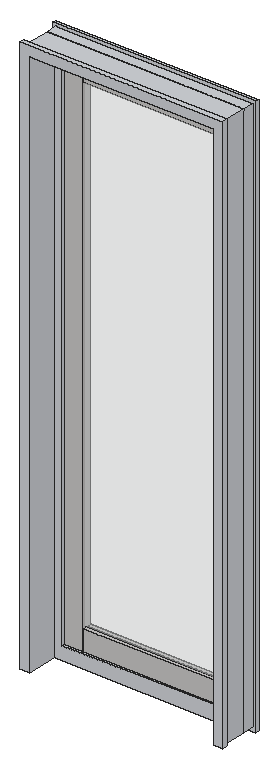
Revit family "APL Residential Thermal Heart Hinged Door Open Out", category Doors, host Wall, Revit 2017 (continued)
Definition of nested family "APL Residential Thermal Heart Hinged Door Open Out Horizontal Section"
  Definition of nested family "Open Out Jamb&Hinge"
    Definition of nested family "65310_Open Out Frame"
      Lines and regions (mm)
        model lines, in view "Ref. Level"
          curve 109: line (46.2, 31.6, 0) -> (47.9, 31.6, 0)
          curve 110: line (48.1, 31.4, 0) -> (48.1, 26.5, 0)
          curve 111: line (47.1, 25.5, 0) -> (43.083, 25.5, 0)
          curve 112: line (42.313, 25.768, 0) -> (40.903, 26.282, 0)
          curve 113: line (40.501, 25.974, 0) -> (40.708, 23.608, 0)
          curve 114: line (40.795, 23.422, 0) -> (41.159, 23.059, 0)
          curve 115: line (41.493, 23.148, 0) -> (41.538, 23.316, 0)
          curve 116: line (41.538, 23.316, 0) -> (43.668, 23.99, 0)
          curve 117: line (43.668, 23.99, 0) -> (43.9, 24, 0)
          curve 118: line (44, 23.253, 0) -> (44, 20.025, 0)
          curve 119: line (44, 20.025, 0) -> (44.194, 19.25, 0)
          curve 120: line (44, 19, 0) -> (43.479, 19, 0)
          curve 121: line (43.479, 19, 0) -> (42.069, 19.809, 0)
          curve 122: line (41.505, 20, 0) -> (41.255, 20, 0)
          curve 123: line (41.055, 19.8, 0) -> (41.055, 18.984, 0)
          curve 124: line (41.235, 18.6, 0) -> (43.92, 16.362, 0)
          curve 125: line (44.1, 15.978, 0) -> (44.1, 12.522, 0)
          curve 126: line (43.92, 12.138, 0) -> (41.235, 9.9, 0)
          curve 127: line (41.055, 9.516, 0) -> (41.055, 8.7, 0)
          curve 128: line (41.255, 8.5, 0) -> (41.505, 8.5, 0)
          curve 129: line (42.069, 8.691, 0) -> (43.322, 9.456, 0)
          curve 130: line (43.322, 9.456, 0) -> (44, 9.5, 0)
          curve 131: line (44.194, 9.25, 0) -> (44.006, 8.525, 0)
          curve 132: line (44.006, 8.525, 0) -> (44, 5.247, 0)
          curve 133: line (43.746, 4.5, 0) -> (41.679, 5.043, 0)
          curve 134: line (41.679, 5.043, 0) -> (41.493, 5.352, 0)
          curve 135: line (41.159, 5.441, 0) -> (40.795, 5.078, 0)
          curve 136: line (40.708, 4.892, 0) -> (40.501, 2.526, 0)
          curve 137: line (40.903, 2.218, 0) -> (42.313, 2.732, 0)
          curve 138: line (43.083, 3, 0) -> (44.4, 3, 0)
          curve 139: line (44.6, 2.8, 0) -> (44.6, 1.3, 0)
          curve 140: line (45.9, 0, 0) -> (47.7, 0, 0)
          curve 141: line (47.7, 0, 0) -> (48, 0.3, 0)
          curve 142: line (48, 0.3, 0) -> (53.25, 0.3, 0)
          curve 143: line (53.25, 0.3, 0) -> (53.55, 0, 0)
          curve 144: line (53.55, 0, 0) -> (55.35, 0, 0)
          curve 145: line (55.35, 1.3, 0) -> (46, 1.3, 0)
          curve 146: line (46, 1.3, 0) -> (46, 23.1, 0)
          curve 147: line (46.5, 23.6, 0) -> (48.1, 23.6, 0)
          curve 148: line (48.6, 23.1, 0) -> (48.6, 21.2, 0)
          curve 149: line (49.1, 20.7, 0) -> (49.5, 20.7, 0)
          curve 150: line (50, 21.2, 0) -> (50, 52.5, 0)
          curve 151: arc (-4.1, 23.1, 0) -> (-4.241, 23.159, 0) -> (-4.3, 23.3, 0) r 0.2
          curve 152: arc (-4.3, 23.9, 0) -> (-4.359, 24.041, 0) -> (-4.5, 24.1, 0) r 0.2
          curve 153: arc (-4.875, 24.1, 0) -> (-5.496, 24.182, 0) -> (-6.075, 24.422, 0) r 2.4
          curve 154: arc (-13.9, 27.9, 0) -> (-14.041, 27.841, 0) -> (-14.1, 27.7, 0) r 0.2
          curve 155: arc (-14.1, -0.131, 0) -> (-13.951, -0.808, 0) -> (-13.528, -1.359, 0) r 1.6
          curve 156: arc (-7.044, -6.8, 0) -> (-6.701, -6.916, 0) -> (-6.369, -6.77, 0) r 0.5
          curve 157: arc (-1.693, -2.094, 0) -> (-1.476, -1.769, 0) -> (-1.4, -1.386, 0) r 1
          curve 158: arc (-1.4, 3.2, 0) -> (-0.844, 4.544, 0) -> (0.5, 5.1, 0) r 1.9
          curve 159: arc (23.3, 5.1, 0) -> (23.441, 5.159, 0) -> (23.5, 5.3, 0) r 0.2
          curve 160: arc (23.5, 16.1, 0) -> (23.441, 16.241, 0) -> (23.3, 16.3, 0) r 0.2
          curve 161: arc (18.3, 16.3, 0) -> (18.159, 16.359, 0) -> (18.1, 16.5, 0) r 0.2
          curve 162: arc (18.1, 17.7, 0) -> (18.159, 17.841, 0) -> (18.3, 17.9, 0) r 0.2
          curve 163: arc (23.3, 17.9, 0) -> (23.441, 17.959, 0) -> (23.5, 18.1, 0) r 0.2
          curve 164: arc (23.5, 23.9, 0) -> (23.441, 24.041, 0) -> (23.3, 24.1, 0) r 0.2
          curve 165: arc (16.301, 24.1, 0) -> (16.159, 24.042, 0) -> (16.1, 23.9, 0) r 0.2
          curve 166: arc (16.1, 23.3, 0) -> (16.041, 23.159, 0) -> (15.9, 23.1, 0) r 0.2
          curve 167: arc (11.3, 23.1, 0) -> (11.159, 23.159, 0) -> (11.1, 23.3, 0) r 0.2
          curve 168: arc (11.1, 23.9, 0) -> (11.041, 24.041, 0) -> (10.9, 24.1, 0) r 0.2
          curve 169: arc (2.7, 24.1, 0) -> (2.559, 24.041, 0) -> (2.5, 23.9, 0) r 0.2
          curve 170: arc (2.5, 16.5, 0) -> (2.441, 16.359, 0) -> (2.3, 16.3, 0) r 0.2
          curve 171: arc (1.3, 16.3, 0) -> (1.159, 16.359, 0) -> (1.1, 16.5, 0) r 0.2
          curve 172: arc (1.1, 22.9, 0) -> (1.041, 23.041, 0) -> (0.9, 23.1, 0) r 0.2
          curve 173: arc (26.317, 25.5, 0) -> (26.622, 25.301, 0) -> (26.895, 25.543, 0) r 0.3
          curve 174: arc (26.895, 25.543, 0) -> (26.961, 25.681, 0) -> (27.087, 25.768, 0) r 0.3
          curve 175: arc (28.497, 26.282, 0) -> (28.783, 26.238, 0) -> (28.899, 25.974, 0) r 0.3
          curve 176: arc (28.692, 23.608, 0) -> (28.665, 23.508, 0) -> (28.605, 23.422, 0) r 0.3
          curve 177: arc (28.241, 23.059, 0) -> (28.048, 23.007, 0) -> (27.907, 23.148, 0) r 0.2
          curve 178: arc (27.862, 23.316, 0) -> (27.81, 23.405, 0) -> (27.721, 23.457, 0) r 0.2
          curve 179: arc (25.5, 24, 0) -> (25.22, 23.807, 0) -> (25.3, 23.476, 0) r 0.3
          curve 180: arc (25.3, 23.476, 0) -> (25.374, 23.375, 0) -> (25.4, 23.253, 0) r 0.3
          curve 181: arc (25.206, 19.25, 0) -> (25.242, 19.078, 0) -> (25.4, 19, 0) r 0.2
          curve 182: arc (25.921, 19, 0) -> (26.002, 19.011, 0) -> (26.077, 19.044, 0) r 0.3
          curve 183: arc (27.331, 19.809, 0) -> (27.328, 19.979, 0) -> (27.434, 20.111, 0) r 0.25
          curve 184: arc (27.52, 20.163, 0) -> (27.75, 20.179, 0) -> (27.895, 20, 0) r 0.25
          curve 185: arc (28.145, 20, 0) -> (28.286, 19.941, 0) -> (28.345, 19.8, 0) r 0.2
          curve 186: arc (28.345, 18.984, 0) -> (28.298, 18.772, 0) -> (28.165, 18.6, 0) r 0.5
          curve 187: arc (25.58, 16.446, 0) -> (25.447, 16.274, 0) -> (25.4, 16.062, 0) r 0.5
          curve 188: arc (25.4, 12.438, 0) -> (25.447, 12.226, 0) -> (25.58, 12.054, 0) r 0.5
          curve 189: arc (28.165, 9.9, 0) -> (28.298, 9.728, 0) -> (28.345, 9.516, 0) r 0.5
          curve 190: arc (28.345, 8.7, 0) -> (28.286, 8.559, 0) -> (28.145, 8.5, 0) r 0.2
          curve 191: arc (27.895, 8.5, 0) -> (27.75, 8.321, 0) -> (27.52, 8.337, 0) r 0.25
          curve 192: arc (27.434, 8.389, 0) -> (27.328, 8.521, 0) -> (27.331, 8.691, 0) r 0.25
          curve 193: arc (26.078, 9.456, 0) -> (26.002, 9.489, 0) -> (25.921, 9.5, 0) r 0.3
          curve 194: arc (25.4, 9.5, 0) -> (25.242, 9.422, 0) -> (25.206, 9.25, 0) r 0.2
          curve 195: arc (25.4, 5.247, 0) -> (25.374, 5.125, 0) -> (25.3, 5.024, 0) r 0.3
          curve 196: arc (25.3, 5.024, 0) -> (25.22, 4.693, 0) -> (25.5, 4.5, 0) r 0.3
          curve 197: arc (27.721, 5.043, 0) -> (27.81, 5.095, 0) -> (27.862, 5.184, 0) r 0.2
          curve 198: arc (27.907, 5.352, 0) -> (28.048, 5.493, 0) -> (28.241, 5.441, 0) r 0.2
          curve 199: arc (28.605, 5.078, 0) -> (28.665, 4.992, 0) -> (28.692, 4.892, 0) r 0.3
          curve 200: arc (28.899, 2.526, 0) -> (28.783, 2.262, 0) -> (28.497, 2.218, 0) r 0.3
          curve 201: arc (27.087, 2.732, 0) -> (26.961, 2.819, 0) -> (26.895, 2.957, 0) r 0.3
          curve 202: arc (26.895, 2.957, 0) -> (26.622, 3.199, 0) -> (26.317, 3, 0) r 0.3
          curve 203: arc (24, 3, 0) -> (23.704, 3.097, 0) -> (23.523, 3.35, 0) r 0.5
          curve 204: arc (23.523, 3.35, 0) -> (23.342, 3.603, 0) -> (23.046, 3.7, 0) r 0.5
          curve 205: arc (0.5, 3.7, 0) -> (0.146, 3.554, 0) -> (0, 3.2, 0) r 0.5
          curve 206: arc (0, -1.801, 0) -> (-0.107, -2.336, 0) -> (-0.41, -2.791, 0) r 1.4
          curve 207: arc (-5.407, -7.787, 0) -> (-5.624, -8.112, 0) -> (-5.7, -8.495, 0) r 1
          curve 208: arc (-5.7, -14.159, 0) -> (-5.623, -14.316, 0) -> (-5.452, -14.353, 0) r 0.2
          curve 209: arc (-5.452, -14.353, 0) -> (-4.643, -14.677, 0) -> (-4.687, -15.548, 0) r 0.75
          curve 210: arc (-4.687, -15.548, 0) -> (-5.025, -16.505, 0) -> (-4.687, -17.462, 0) r 1.525
          curve 211: arc (-4.687, -17.462, 0) -> (-4.594, -17.613, 0) -> (-4.539, -17.781, 0) r 0.75
          curve 212: arc (-4.539, -17.781, 0) -> (-4.442, -17.992, 0) -> (-4.26, -18.136, 0) r 0.5
          curve 213: arc (-4.26, -18.136, 0) -> (-3.5, -18.305, 0) -> (-2.74, -18.137, 0) r 1.8
          curve 214: arc (-2.74, -18.137, 0) -> (-2.558, -17.992, 0) -> (-2.461, -17.78, 0) r 0.5
          curve 215: arc (-2.461, -17.78, 0) -> (-2.406, -17.612, 0) -> (-2.312, -17.461, 0) r 0.737
          curve 216: arc (-2.312, -17.461, 0) -> (-1.975, -16.505, 0) -> (-2.312, -15.549, 0) r 1.525
          curve 217: arc (-2.312, -15.549, 0) -> (-2.2, -14.512, 0) -> (-1.163, -14.624, 0) r 0.737
          curve 218: arc (-1.163, -14.624, 0) -> (-0.507, -16.296, 0) -> (-0.924, -18.044, 0) r 3
          curve 219: arc (-0.924, -18.044, 0) -> (-0.93, -18.547, 0) -> (-0.495, -18.8, 0) r 0.5
          curve 220: arc (-0.2, -18.8, 0) -> (-0.059, -18.859, 0) -> (0, -19, 0) r 0.2
          curve 221: arc (0, -19.8, 0) -> (-0.059, -19.941, 0) -> (-0.2, -20, 0) r 0.2
          curve 222: arc (-6, -20, 0) -> (-6.707, -19.707, 0) -> (-7, -19, 0) r 1
          curve 223: arc (-7, -10.063, 0) -> (-7.281, -8.795, 0) -> (-8.072, -7.765, 0) r 3
          curve 224: arc (-14.428, -2.431, 0) -> (-15.219, -1.401, 0) -> (-15.5, -0.133, 0) r 3
          curve 225: arc (-15.5, 33, 0) -> (-15.207, 33.707, 0) -> (-14.5, 34, 0) r 1
          curve 226: arc (-12.1, 34, 0) -> (-11.393, 33.707, 0) -> (-11.1, 33, 0) r 1
          curve 227: arc (-11.1, 32.9, 0) -> (-11.188, 32.688, 0) -> (-11.4, 32.6, 0) r 0.3
          curve 228: arc (-12.1, 29.3, 0) -> (-11.738, 29.252, 0) -> (-11.4, 29.112, 0) r 1.4
          curve 229: arc (-5.375, 25.634, 0) -> (-5.134, 25.534, 0) -> (-4.875, 25.5, 0) r 1
          curve 230: line (0.9, 23.1, 0) -> (-4.1, 23.1, 0)
          curve 231: line (-4.3, 23.3, 0) -> (-4.3, 23.9, 0)
          curve 232: line (-4.5, 24.1, 0) -> (-4.875, 24.1, 0)
          curve 233: line (-6.075, 24.422, 0) -> (-12.054, 27.873, 0)
          curve 234: line (-12.054, 27.873, 0) -> (-13.9, 27.9, 0)
          curve 235: line (-14.1, 27.7, 0) -> (-14.1, -0.131, 0)
          curve 236: line (-13.528, -1.359, 0) -> (-7.044, -6.8, 0)
          curve 237: line (-6.369, -6.77, 0) -> (-1.693, -2.094, 0)
          curve 238: line (-1.4, -1.386, 0) -> (-1.4, 3.2, 0)
          curve 239: line (0.5, 5.1, 0) -> (23.3, 5.1, 0)
          curve 240: line (23.5, 5.3, 0) -> (23.5, 16.1, 0)
          curve 241: line (23.3, 16.3, 0) -> (18.3, 16.3, 0)
          curve 242: line (18.1, 16.5, 0) -> (18.1, 17.7, 0)
          curve 243: line (18.3, 17.9, 0) -> (23.3, 17.9, 0)
          curve 244: line (23.5, 18.1, 0) -> (23.5, 23.9, 0)
          curve 245: line (23.3, 24.1, 0) -> (16.301, 24.1, 0)
          curve 246: line (16.1, 23.9, 0) -> (16.1, 23.3, 0)
          curve 247: line (15.9, 23.1, 0) -> (11.3, 23.1, 0)
          curve 248: line (11.1, 23.3, 0) -> (11.1, 23.9, 0)
          curve 249: line (10.9, 24.1, 0) -> (2.7, 24.1, 0)
          curve 250: line (2.5, 23.9, 0) -> (2.5, 16.5, 0)
          curve 251: line (2.3, 16.3, 0) -> (1.3, 16.3, 0)
          curve 252: line (1.1, 16.5, 0) -> (1.1, 22.9, 0)
          curve 253: line (27.087, 25.768, 0) -> (28.497, 26.282, 0)
          curve 254: line (28.899, 25.974, 0) -> (28.692, 23.608, 0)
          curve 255: line (28.605, 23.422, 0) -> (28.241, 23.059, 0)
          curve 256: line (27.907, 23.148, 0) -> (27.862, 23.316, 0)
          curve 257: line (27.862, 23.316, 0) -> (25.732, 23.99, 0)
          curve 258: line (25.732, 23.99, 0) -> (25.5, 24, 0)
          curve 259: line (25.4, 23.253, 0) -> (25.4, 20.025, 0)
          curve 260: line (25.4, 20.025, 0) -> (25.206, 19.25, 0)
          curve 261: line (25.4, 19, 0) -> (25.921, 19, 0)
          curve 262: line (25.921, 19, 0) -> (27.331, 19.809, 0)
          curve 263: line (27.895, 20, 0) -> (28.145, 20, 0)
          curve 264: line (28.345, 19.8, 0) -> (28.345, 18.984, 0)
          curve 265: line (28.165, 18.6, 0) -> (25.58, 16.446, 0)
          curve 266: line (25.4, 16.062, 0) -> (25.4, 12.438, 0)
          curve 267: line (25.58, 12.054, 0) -> (28.165, 9.9, 0)
          curve 268: line (28.345, 9.516, 0) -> (28.345, 8.7, 0)
          curve 269: line (28.145, 8.5, 0) -> (27.895, 8.5, 0)
          curve 270: line (27.331, 8.691, 0) -> (26.078, 9.456, 0)
          curve 271: line (26.078, 9.456, 0) -> (25.4, 9.5, 0)
          curve 272: line (25.206, 9.25, 0) -> (25.394, 8.525, 0)
          curve 273: line (25.394, 8.525, 0) -> (25.4, 5.247, 0)
          curve 274: line (25.654, 4.5, 0) -> (27.721, 5.043, 0)
          curve 275: line (27.721, 5.043, 0) -> (27.907, 5.352, 0)
          curve 276: line (28.241, 5.441, 0) -> (28.605, 5.078, 0)
          curve 277: line (28.692, 4.892, 0) -> (28.899, 2.526, 0)
          curve 278: line (28.497, 2.218, 0) -> (27.087, 2.732, 0)
          curve 279: line (26.317, 3, 0) -> (24, 3, 0)
          curve 280: line (23.046, 3.7, 0) -> (17.783, 3.7, 0)
          curve 281: line (17.783, 3.7, 0) -> (17.559, 3.559, 0)
          curve 282: line (17.559, 3.559, 0) -> (12.4, 3.5, 0)
          curve 283: line (12.4, 3.5, 0) -> (12, 3.9, 0)
          curve 284: line (12, 3.9, 0) -> (11.6, 3.5, 0)
          curve 285: line (11.6, 3.5, 0) -> (6.583, 3.5, 0)
          curve 286: line (6.583, 3.5, 0) -> (6.359, 3.641, 0)
          curve 287: line (6.359, 3.641, 0) -> (0.5, 3.7, 0)
          curve 288: line (0, 3.2, 0) -> (0, -1.801, 0)
          curve 289: line (-0.41, -2.791, 0) -> (-5.407, -7.787, 0)
          curve 290: line (-5.7, -8.495, 0) -> (-5.7, -14.159, 0)
          curve 291: line (-0.495, -18.8, 0) -> (-0.2, -18.8, 0)
          curve 292: line (0, -19, 0) -> (0, -19.8, 0)
          curve 293: line (-0.2, -20, 0) -> (-6, -20, 0)
          curve 294: line (-7, -19, 0) -> (-7, -10.063, 0)
          curve 295: line (-8.072, -7.765, 0) -> (-14.428, -2.431, 0)
          curve 296: line (-15.5, -0.133, 0) -> (-15.5, 33, 0)
          curve 297: line (-14.5, 34, 0) -> (-12.1, 34, 0)
          curve 298: line (-11.4, 32.6, 0) -> (-14.1, 32.6, 0)
          curve 299: line (-14.1, 32.6, 0) -> (-14.1, 29.3, 0)
          curve 300: line (-14.1, 29.3, 0) -> (-12.1, 29.3, 0)
          curve 301: line (-11.4, 29.112, 0) -> (-5.375, 25.634, 0)
          curve 302: line (-4.875, 25.5, 0) -> (-2, 25.5, 0)
          curve 303: line (-2, 25.5, 0) -> (-1.6, 25.1, 0)
          curve 304: line (-1.6, 25.1, 0) -> (-1.2, 25.5, 0)
          curve 305: line (-1.2, 25.5, 0) -> (4.1, 25.5, 0)
          curve 306: line (4.1, 25.5, 0) -> (4.5, 25.1, 0)
          curve 307: line (4.5, 25.1, 0) -> (4.9, 25.5, 0)
          curve 308: line (4.9, 25.5, 0) -> (26.317, 25.5, 0)
          curve 309: arc (25.4, 19.939, 0) -> (25.517, 19.656, 0) -> (25.8, 19.539, 0) r 0.4
          curve 310: arc (26.093, 19.539, 0) -> (26.196, 19.553, 0) -> (26.293, 19.593, 0) r 0.4
          curve 311: arc (27.821, 20.478, 0) -> (28.111, 20.598, 0) -> (28.422, 20.639, 0) r 1.2
          curve 312: arc (29.345, 20.639, 0) -> (29.918, 20.82, 0) -> (30.284, 21.297, 0) r 1
          curve 313: arc (31.077, 23.476, 0) -> (31.224, 23.667, 0) -> (31.453, 23.739, 0) r 0.4
          curve 314: arc (37.947, 23.739, 0) -> (38.176, 23.667, 0) -> (38.323, 23.476, 0) r 0.4
          curve 315: arc (39.116, 21.297, 0) -> (39.482, 20.82, 0) -> (40.055, 20.639, 0) r 1
          curve 316: arc (40.978, 20.639, 0) -> (41.289, 20.598, 0) -> (41.579, 20.478, 0) r 1.2
          curve 317: arc (43.107, 19.593, 0) -> (43.204, 19.553, 0) -> (43.307, 19.539, 0) r 0.4
          curve 318: arc (43.6, 19.539, 0) -> (43.883, 19.656, 0) -> (44, 19.939, 0) r 0.4
          curve 319: arc (44, 23.339, 0) -> (43.883, 23.622, 0) -> (43.6, 23.739, 0) r 0.4
          curve 320: arc (43.307, 23.739, 0) -> (43.204, 23.725, 0) -> (43.107, 23.685, 0) r 0.4
          curve 321: arc (41.579, 22.801, 0) -> (41.285, 22.679, 0) -> (40.97, 22.639, 0) r 1.2
          curve 322: arc (40.97, 22.639, 0) -> (40.795, 22.692, 0) -> (40.684, 22.836, 0) r 0.3
          curve 323: arc (39.796, 25.276, 0) -> (39.649, 25.467, 0) -> (39.42, 25.539, 0) r 0.4
          curve 324: arc (29.98, 25.539, 0) -> (29.751, 25.467, 0) -> (29.604, 25.276, 0) r 0.4
          curve 325: arc (28.716, 22.836, 0) -> (28.605, 22.692, 0) -> (28.43, 22.639, 0) r 0.3
          curve 326: arc (28.43, 22.639, 0) -> (28.115, 22.679, 0) -> (27.821, 22.801, 0) r 1.2
          curve 327: arc (26.293, 23.685, 0) -> (26.196, 23.725, 0) -> (26.093, 23.739, 0) r 0.4
          curve 328: arc (25.8, 23.739, 0) -> (25.517, 23.622, 0) -> (25.4, 23.339, 0) r 0.4
          curve 329: line (25.8, 19.539, 0) -> (26.093, 19.539, 0)
          curve 330: line (26.293, 19.593, 0) -> (27.821, 20.478, 0)
          curve 331: line (28.422, 20.639, 0) -> (29.345, 20.639, 0)
          curve 332: line (30.284, 21.297, 0) -> (31.077, 23.476, 0)
          curve 333: line (31.453, 23.739, 0) -> (37.947, 23.739, 0)
          curve 334: line (38.323, 23.476, 0) -> (39.116, 21.297, 0)
          curve 335: line (40.055, 20.639, 0) -> (40.978, 20.639, 0)
          curve 336: line (41.579, 20.478, 0) -> (43.107, 19.593, 0)
          curve 337: line (43.307, 19.539, 0) -> (43.6, 19.539, 0)
          curve 338: line (44, 19.939, 0) -> (44, 23.339, 0)
          curve 339: line (43.6, 23.739, 0) -> (43.307, 23.739, 0)
          curve 340: line (43.107, 23.685, 0) -> (41.579, 22.801, 0)
          curve 341: line (40.684, 22.836, 0) -> (39.796, 25.276, 0)
          curve 342: line (39.42, 25.539, 0) -> (29.98, 25.539, 0)
          curve 343: line (29.604, 25.276, 0) -> (28.716, 22.836, 0)
          curve 344: line (27.821, 22.801, 0) -> (26.293, 23.685, 0)
          curve 345: line (26.093, 23.739, 0) -> (25.8, 23.739, 0)
          curve 346: line (25.4, 23.339, 0) -> (25.4, 19.939, 0)
      Text (mm)
        text "65310" at (6.108, 51.612, 0), in view "Ref. Level"
    Definition of nested family "65210_Lock Stile"
      Reference planes
        plane 1 "Center (Front/Back)": y = 0
        plane 2: z = 0
        plane 3 "Center (Left/Right)": x = 0
      Lines and regions (mm)
        model lines, in view "Ref. Level"
          curve 1: arc (27.4, 64.45, 0) -> (27.272, 64.668, 0) -> (27.019, 64.663, 0) r 0.25
          curve 2: arc (26.934, 64.611, 0) -> (26.828, 64.479, 0) -> (26.831, 64.309, 0) r 0.25
          curve 3: arc (25.577, 63.544, 0) -> (25.502, 63.511, 0) -> (25.421, 63.5, 0) r 0.3
          curve 4: arc (24.9, 63.5, 0) -> (24.742, 63.578, 0) -> (24.706, 63.75, 0) r 0.2
          curve 5: arc (24.9, 67.753, 0) -> (24.874, 67.875, 0) -> (24.8, 67.976, 0) r 0.3
          curve 6: arc (24.8, 67.976, 0) -> (24.72, 68.307, 0) -> (25, 68.5, 0) r 0.3
          curve 7: arc (27.221, 67.957, 0) -> (27.31, 67.905, 0) -> (27.362, 67.816, 0) r 0.2
          curve 8: arc (27.407, 67.648, 0) -> (27.548, 67.507, 0) -> (27.741, 67.559, 0) r 0.2
          curve 9: arc (28.105, 67.922, 0) -> (28.165, 68.008, 0) -> (28.192, 68.108, 0) r 0.3
          curve 10: arc (28.399, 70.474, 0) -> (28.283, 70.738, 0) -> (27.997, 70.782, 0) r 0.3
          curve 11: arc (26.587, 70.268, 0) -> (26.461, 70.181, 0) -> (26.395, 70.043, 0) r 0.3
          curve 12: arc (26.395, 70.043, 0) -> (26.122, 69.801, 0) -> (25.817, 70, 0) r 0.3
          curve 13: arc (24.003, 70, 0) -> (23.295, 69.707, 0) -> (23.003, 69, 0) r 1
          curve 14: arc (23.003, 63.28, 0) -> (22.944, 63.139, 0) -> (22.803, 63.08, 0) r 0.2
          curve 15: arc (17.703, 63.08, 0) -> (17.561, 63.139, 0) -> (17.503, 63.28, 0) r 0.2
          curve 16: arc (17.503, 69, 0) -> (17.21, 69.707, 0) -> (16.503, 70, 0) r 1
          curve 17: arc (9.5, 70, 0) -> (9.359, 69.941, 0) -> (9.3, 69.8, 0) r 0.2
          curve 18: arc (9.3, 69.5, 0) -> (9.38, 69.2, 0) -> (9.6, 68.98, 0) r 0.6
          curve 19: arc (10.7, 68.345, 0) -> (10.773, 68.272, 0) -> (10.8, 68.172, 0) r 0.2
          curve 20: arc (10.8, 64.08, 0) -> (10.507, 63.373, 0) -> (9.8, 63.08, 0) r 1
          curve 21: arc (2.42, 63.08, 0) -> (1.721, 63.366, 0) -> (1.421, 64.06, 0) r 1
          curve 22: arc (1.322, 68.935, 0) -> (1.357, 69.052, 0) -> (1.453, 69.127, 0) r 0.2
          curve 23: arc (1.453, 69.127, 0) -> (1.621, 69.234, 0) -> (1.725, 69.403, 0) r 0.45
          curve 24: arc (1.725, 69.403, 0) -> (1.729, 69.522, 0) -> (1.665, 69.621, 0) r 0.2
          curve 25: arc (0.2, 70, 0) -> (0.059, 69.941, 0) -> (0, 69.8, 0) r 0.2
          curve 26: arc (0, 0.501, 0) -> (0.146, 0.147, 0) -> (0.5, 0, 0) r 0.5
          curve 27: arc (1, 0, 0) -> (1.354, 0.146, 0) -> (1.5, 0.5, 0) r 0.5
          curve 28: arc (1.5, 2.8, 0) -> (1.559, 2.941, 0) -> (1.7, 3, 0) r 0.2
          curve 29: arc (31.817, 3, 0) -> (32.122, 3.199, 0) -> (32.395, 2.957, 0) r 0.3
          curve 30: arc (32.395, 2.957, 0) -> (32.461, 2.819, 0) -> (32.587, 2.732, 0) r 0.3
          curve 31: arc (33.997, 2.218, 0) -> (34.283, 2.262, 0) -> (34.399, 2.526, 0) r 0.3
          curve 32: arc (34.192, 4.892, 0) -> (34.165, 4.992, 0) -> (34.105, 5.078, 0) r 0.3
          curve 33: arc (33.741, 5.441, 0) -> (33.548, 5.493, 0) -> (33.407, 5.352, 0) r 0.2
          curve 34: arc (33.362, 5.184, 0) -> (33.31, 5.095, 0) -> (33.221, 5.043, 0) r 0.2
          curve 35: arc (31, 4.5, 0) -> (30.72, 4.693, 0) -> (30.8, 5.024, 0) r 0.3
          curve 36: arc (30.8, 5.024, 0) -> (30.874, 5.125, 0) -> (30.9, 5.247, 0) r 0.3
          curve 37: arc (30.706, 9.25, 0) -> (30.742, 9.422, 0) -> (30.9, 9.5, 0) r 0.2
          curve 38: arc (31.421, 9.5, 0) -> (31.502, 9.489, 0) -> (31.577, 9.456, 0) r 0.3
          curve 39: arc (32.831, 8.691, 0) -> (32.828, 8.521, 0) -> (32.934, 8.389, 0) r 0.25
          curve 40: arc (33.02, 8.337, 0) -> (33.272, 8.332, 0) -> (33.4, 8.55, 0) r 0.25
          curve 41: arc (33.4, 11.2, 0) -> (33.341, 11.341, 0) -> (33.2, 11.4, 0) r 0.2
          curve 42: arc (30, 11.4, 0) -> (29.293, 11.107, 0) -> (29, 10.4, 0) r 1
          curve 43: arc (2.1, 4.6, 0) -> (1.746, 4.746, 0) -> (1.6, 5.1, 0) r 0.5
          curve 44: arc (1.6, 60.98, 0) -> (1.746, 61.334, 0) -> (2.1, 61.48, 0) r 0.5
          curve 45: arc (9.8, 61.48, 0) -> (11.638, 62.242, 0) -> (12.4, 64.08, 0) r 2.6
          curve 46: arc (12.4, 68.2, 0) -> (12.459, 68.341, 0) -> (12.6, 68.4, 0) r 0.2
          curve 47: arc (15.703, 68.4, 0) -> (15.844, 68.341, 0) -> (15.903, 68.2, 0) r 0.2
          curve 48: arc (15.903, 62, 0) -> (16.049, 61.646, 0) -> (16.403, 61.5, 0) r 0.5
          curve 49: arc (27.2, 61.5, 0) -> (27.341, 61.559, 0) -> (27.4, 61.7, 0) r 0.2
          curve 50: line (26.831, 64.309, 0) -> (25.577, 63.544, 0)
          curve 51: line (25.577, 63.544, 0) -> (24.9, 63.5, 0)
          curve 52: line (24.706, 63.75, 0) -> (24.894, 64.475, 0)
          curve 53: line (24.894, 64.475, 0) -> (24.9, 67.753, 0)
          curve 54: line (25.154, 68.5, 0) -> (27.221, 67.957, 0)
          curve 55: line (27.221, 67.957, 0) -> (27.407, 67.648, 0)
          curve 56: line (27.741, 67.559, 0) -> (28.105, 67.922, 0)
          curve 57: line (28.192, 68.108, 0) -> (28.399, 70.474, 0)
          curve 58: line (27.997, 70.782, 0) -> (26.587, 70.268, 0)
          curve 59: line (25.817, 70, 0) -> (24.003, 70, 0)
          curve 60: line (23.003, 69, 0) -> (23.003, 63.28, 0)
          curve 61: line (22.803, 63.08, 0) -> (17.703, 63.08, 0)
          curve 62: line (17.503, 63.28, 0) -> (17.503, 69, 0)
          curve 63: line (16.503, 70, 0) -> (9.5, 70, 0)
          curve 64: line (9.3, 69.8, 0) -> (9.3, 69.5, 0)
          curve 65: line (9.6, 68.98, 0) -> (10.7, 68.345, 0)
          curve 66: line (10.8, 68.172, 0) -> (10.8, 64.08, 0)
          curve 67: line (9.8, 63.08, 0) -> (2.42, 63.08, 0)
          curve 68: line (1.421, 64.06, 0) -> (1.322, 68.935, 0)
          curve 69: line (1.665, 69.621, 0) -> (1.269, 69.953, 0)
          curve 70: line (1.269, 69.953, 0) -> (0.2, 70, 0)
          curve 71: line (0, 69.8, 0) -> (0, 0.501, 0)
          curve 72: line (0.5, 0, 0) -> (1, 0, 0)
          curve 73: line (1.5, 0.5, 0) -> (1.5, 2.8, 0)
          curve 74: line (1.7, 3, 0) -> (17.6, 3, 0)
          curve 75: line (17.6, 3, 0) -> (18, 3.4, 0)
          curve 76: line (18, 3.4, 0) -> (18.4, 3, 0)
          curve 77: line (18.4, 3, 0) -> (19.6, 3, 0)
          curve 78: line (19.6, 3, 0) -> (20, 3.4, 0)
          curve 79: line (20, 3.4, 0) -> (20.4, 3, 0)
          curve 80: line (20.4, 3, 0) -> (31.817, 3, 0)
          curve 81: line (32.587, 2.732, 0) -> (33.997, 2.218, 0)
          curve 82: line (34.399, 2.526, 0) -> (34.192, 4.892, 0)
          curve 83: line (34.105, 5.078, 0) -> (33.741, 5.441, 0)
          curve 84: line (33.407, 5.352, 0) -> (33.362, 5.184, 0)
          curve 85: line (33.362, 5.184, 0) -> (31.232, 4.51, 0)
          curve 86: line (31.232, 4.51, 0) -> (31, 4.5, 0)
          curve 87: line (30.9, 5.247, 0) -> (30.9, 8.475, 0)
          curve 88: line (30.9, 8.475, 0) -> (30.706, 9.25, 0)
          curve 89: line (30.9, 9.5, 0) -> (31.421, 9.5, 0)
          curve 90: line (31.421, 9.5, 0) -> (32.831, 8.691, 0)
          curve 91: line (33.4, 8.55, 0) -> (33.4, 11.2, 0)
          curve 92: line (33.2, 11.4, 0) -> (30, 11.4, 0)
          curve 93: line (29, 10.4, 0) -> (29, 5.8, 0)
          curve 94: line (29, 5.8, 0) -> (23.5, 5.8, 0)
          curve 95: line (23.5, 5.8, 0) -> (22.3, 4.6, 0)
          curve 96: line (22.3, 4.6, 0) -> (15.7, 4.6, 0)
          curve 97: line (15.7, 4.6, 0) -> (14.5, 5.8, 0)
          curve 98: line (14.5, 5.8, 0) -> (9.5, 5.8, 0)
          curve 99: line (9.5, 5.8, 0) -> (8.3, 4.6, 0)
          curve 100: line (8.3, 4.6, 0) -> (2.1, 4.6, 0)
          curve 101: line (1.6, 5.1, 0) -> (1.6, 60.98, 0)
          curve 102: line (2.1, 61.48, 0) -> (9.8, 61.48, 0)
          curve 103: line (12.4, 64.08, 0) -> (12.4, 68.2, 0)
          curve 104: line (12.6, 68.4, 0) -> (15.703, 68.4, 0)
          curve 105: line (15.903, 68.2, 0) -> (15.903, 62, 0)
          curve 106: line (16.403, 61.5, 0) -> (19.603, 61.5, 0)
          curve 107: line (19.603, 61.5, 0) -> (20.003, 61.9, 0)
          curve 108: line (20.003, 61.9, 0) -> (20.403, 61.5, 0)
          curve 109: line (20.403, 61.5, 0) -> (27.2, 61.5, 0)
          curve 110: line (27.4, 61.7, 0) -> (27.4, 64.45, 0)
          curve 111: line (27.4, 64.45, 0) -> (27.4, 63.6, 0)
          curve 112: arc (41, 62.874, 0) -> (41.128, 62.385, 0) -> (41.479, 62.021, 0) r 1
          curve 113: arc (42.049, 61.673, 0) -> (42.174, 61.619, 0) -> (42.309, 61.6, 0) r 0.5
          curve 114: arc (44.9, 61.6, 0) -> (45.254, 61.746, 0) -> (45.4, 62.1, 0) r 0.5
          curve 115: arc (45.4, 68.091, 0) -> (45.455, 68.318, 0) -> (45.608, 68.496, 0) r 0.5
          curve 116: arc (45.608, 68.496, 0) -> (45.836, 68.687, 0) -> (46.035, 68.908, 0) r 2.1
          curve 117: arc (46.035, 68.908, 0) -> (46.21, 69.049, 0) -> (46.429, 69.1, 0) r 0.5
          curve 118: arc (49.6, 69.1, 0) -> (49.954, 68.954, 0) -> (50.1, 68.6, 0) r 0.5
          curve 119: arc (50.1, 15.4, 0) -> (49.954, 15.046, 0) -> (49.6, 14.9, 0) r 0.5
          curve 120: arc (45.3, 14.9, 0) -> (45.159, 14.841, 0) -> (45.1, 14.7, 0) r 0.2
          curve 121: arc (45.1, 13.1, 0) -> (45.159, 12.959, 0) -> (45.3, 12.9, 0) r 0.2
          curve 122: arc (49.9, 12.9, 0) -> (50.041, 12.841, 0) -> (50.1, 12.7, 0) r 0.2
          curve 123: arc (50.1, 11.7, 0) -> (50.041, 11.559, 0) -> (49.9, 11.5, 0) r 0.2
          curve 124: arc (48.473, 11.5, 0) -> (48.338, 11.481, 0) -> (48.212, 11.427, 0) r 0.5
          curve 125: arc (47.479, 10.979, 0) -> (47.128, 10.615, 0) -> (47, 10.126, 0) r 1
          curve 126: arc (47, 8.55, 0) -> (47.128, 8.332, 0) -> (47.38, 8.337, 0) r 0.25
          curve 127: arc (47.466, 8.389, 0) -> (47.572, 8.521, 0) -> (47.569, 8.691, 0) r 0.25
          curve 128: arc (48.823, 9.456, 0) -> (48.898, 9.489, 0) -> (48.979, 9.5, 0) r 0.3
          curve 129: arc (49.5, 9.5, 0) -> (49.658, 9.422, 0) -> (49.694, 9.25, 0) r 0.2
          curve 130: arc (49.5, 5.247, 0) -> (49.526, 5.125, 0) -> (49.6, 5.024, 0) r 0.3
          curve 131: arc (49.6, 5.024, 0) -> (49.68, 4.693, 0) -> (49.4, 4.5, 0) r 0.3
          curve 132: arc (47.179, 5.043, 0) -> (47.09, 5.095, 0) -> (47.038, 5.184, 0) r 0.2
          curve 133: arc (46.993, 5.352, 0) -> (46.852, 5.493, 0) -> (46.659, 5.441, 0) r 0.2
          curve 134: arc (46.295, 5.078, 0) -> (46.235, 4.992, 0) -> (46.208, 4.892, 0) r 0.3
          curve 135: arc (46.001, 2.526, 0) -> (46.117, 2.262, 0) -> (46.403, 2.218, 0) r 0.3
          curve 136: arc (47.813, 2.732, 0) -> (47.939, 2.819, 0) -> (48.005, 2.957, 0) r 0.3
          curve 137: arc (48.005, 2.957, 0) -> (48.278, 3.199, 0) -> (48.583, 3, 0) r 0.3
          curve 138: arc (50.5, 0.5, 0) -> (50.646, 0.146, 0) -> (51, 0, 0) r 0.5
          curve 139: arc (51.5, 0, 0) -> (51.854, 0.146, 0) -> (52, 0.5, 0) r 0.5
          curve 140: arc (52, 89.2, 0) -> (51.8, 89.4, 0) -> (51.6, 89.2, 0) r 0.2
          curve 141: arc (43, 89, 0) -> (42.646, 88.854, 0) -> (42.5, 88.5, 0) r 0.5
          curve 142: arc (42.5, 87.25, 0) -> (43, 86.75, 0) -> (43.5, 87.25, 0) r 0.5
          curve 143: arc (43.5, 87.8, 0) -> (43.559, 87.941, 0) -> (43.7, 88, 0) r 0.2
          curve 144: arc (44.8, 88, 0) -> (44.941, 87.941, 0) -> (45, 87.8, 0) r 0.2
          curve 145: arc (45, 82.7, 0) -> (44.941, 82.559, 0) -> (44.8, 82.5, 0) r 0.2
          curve 146: arc (43.7, 82.5, 0) -> (43.559, 82.559, 0) -> (43.5, 82.7, 0) r 0.2
          curve 147: arc (43.5, 83.25, 0) -> (43, 83.75, 0) -> (42.5, 83.25, 0) r 0.5
          curve 148: arc (42.5, 81.7, 0) -> (42.559, 81.559, 0) -> (42.7, 81.5, 0) r 0.2
          curve 149: arc (46, 81.5, 0) -> (46.354, 81.646, 0) -> (46.5, 82, 0) r 0.5
          curve 150: arc (46.5, 87, 0) -> (46.646, 87.354, 0) -> (47, 87.5, 0) r 0.5
          curve 151: arc (49.6, 87.5, 0) -> (49.954, 87.354, 0) -> (50.1, 87, 0) r 0.5
          curve 152: arc (50.1, 71.5, 0) -> (49.954, 71.146, 0) -> (49.6, 71, 0) r 0.5
          curve 153: arc (44.78, 71, 0) -> (44.639, 70.941, 0) -> (44.58, 70.8, 0) r 0.2
          curve 154: arc (44.58, 70.2, 0) -> (44.521, 70.059, 0) -> (44.38, 70, 0) r 0.2
          curve 155: arc (42.583, 70, 0) -> (42.278, 69.801, 0) -> (42.005, 70.043, 0) r 0.3
          curve 156: arc (42.005, 70.043, 0) -> (41.939, 70.181, 0) -> (41.813, 70.268, 0) r 0.3
          curve 157: arc (40.403, 70.782, 0) -> (40.117, 70.738, 0) -> (40.001, 70.474, 0) r 0.3
          curve 158: arc (40.208, 68.108, 0) -> (40.235, 68.008, 0) -> (40.295, 67.922, 0) r 0.3
          curve 159: arc (40.659, 67.559, 0) -> (40.852, 67.507, 0) -> (40.993, 67.648, 0) r 0.2
          curve 160: arc (41.038, 67.816, 0) -> (41.09, 67.905, 0) -> (41.179, 67.957, 0) r 0.2
          curve 161: arc (43.4, 68.5, 0) -> (43.68, 68.307, 0) -> (43.6, 67.976, 0) r 0.3
          curve 162: arc (43.6, 67.976, 0) -> (43.526, 67.875, 0) -> (43.5, 67.753, 0) r 0.3
          curve 163: arc (43.694, 63.75, 0) -> (43.658, 63.578, 0) -> (43.5, 63.5, 0) r 0.2
          curve 164: arc (42.979, 63.5, 0) -> (42.898, 63.511, 0) -> (42.823, 63.544, 0) r 0.3
          curve 165: arc (41.569, 64.309, 0) -> (41.572, 64.479, 0) -> (41.466, 64.611, 0) r 0.25
          curve 166: line (41, 64.45, 0) -> (41, 62.874, 0)
          curve 167: line (41.479, 62.021, 0) -> (42.049, 61.673, 0)
          curve 168: line (42.309, 61.6, 0) -> (44.9, 61.6, 0)
          curve 169: line (45.4, 62.1, 0) -> (45.4, 68.091, 0)
          curve 170: line (46.429, 69.1, 0) -> (49.6, 69.1, 0)
          curve 171: line (50.1, 68.6, 0) -> (50.1, 15.4, 0)
          curve 172: line (49.6, 14.9, 0) -> (45.3, 14.9, 0)
          curve 173: line (45.1, 14.7, 0) -> (45.1, 13.1, 0)
          curve 174: line (45.3, 12.9, 0) -> (49.9, 12.9, 0)
          curve 175: line (50.1, 12.7, 0) -> (50.1, 11.7, 0)
          curve 176: line (49.9, 11.5, 0) -> (48.473, 11.5, 0)
          curve 177: line (48.212, 11.427, 0) -> (47.479, 10.979, 0)
          curve 178: line (47, 10.126, 0) -> (47, 8.55, 0)
          curve 179: line (47.569, 8.691, 0) -> (48.823, 9.456, 0)
          curve 180: line (48.823, 9.456, 0) -> (49.5, 9.5, 0)
          curve 181: line (49.694, 9.25, 0) -> (49.506, 8.525, 0)
          curve 182: line (49.506, 8.525, 0) -> (49.5, 5.247, 0)
          curve 183: line (49.246, 4.5, 0) -> (47.179, 5.043, 0)
          curve 184: line (47.179, 5.043, 0) -> (46.993, 5.352, 0)
          curve 185: line (46.659, 5.441, 0) -> (46.295, 5.078, 0)
          curve 186: line (46.208, 4.892, 0) -> (46.001, 2.526, 0)
          curve 187: line (46.403, 2.218, 0) -> (47.813, 2.732, 0)
          curve 188: line (48.583, 3, 0) -> (50.5, 3, 0)
          curve 189: line (50.5, 3, 0) -> (50.5, 0.5, 0)
          curve 190: line (51, 0, 0) -> (51.5, 0, 0)
          curve 191: line (52, 0.5, 0) -> (52, 89.2, 0)
          curve 192: line (51.6, 89.2, 0) -> (51.6, 89, 0)
          curve 193: line (51.6, 89, 0) -> (43, 89, 0)
          curve 194: line (42.5, 88.5, 0) -> (42.5, 87.25, 0)
          curve 195: line (43.5, 87.25, 0) -> (43.5, 87.8, 0)
          curve 196: line (43.7, 88, 0) -> (44.8, 88, 0)
          curve 197: line (45, 87.8, 0) -> (45, 82.7, 0)
          curve 198: line (44.8, 82.5, 0) -> (43.7, 82.5, 0)
          curve 199: line (43.5, 82.7, 0) -> (43.5, 83.25, 0)
          curve 200: line (42.5, 83.25, 0) -> (42.5, 81.7, 0)
          curve 201: line (42.7, 81.5, 0) -> (46, 81.5, 0)
          curve 202: line (46.5, 82, 0) -> (46.5, 87, 0)
          curve 203: line (47, 87.5, 0) -> (49.6, 87.5, 0)
          curve 204: line (50.1, 87, 0) -> (50.1, 71.5, 0)
          curve 205: line (49.6, 71, 0) -> (44.78, 71, 0)
          curve 206: line (44.58, 70.8, 0) -> (44.58, 70.2, 0)
          curve 207: line (44.38, 70, 0) -> (42.583, 70, 0)
          curve 208: line (41.813, 70.268, 0) -> (40.403, 70.782, 0)
          curve 209: line (40.001, 70.474, 0) -> (40.208, 68.108, 0)
          curve 210: line (40.295, 67.922, 0) -> (40.659, 67.559, 0)
          curve 211: line (40.993, 67.648, 0) -> (41.038, 67.816, 0)
          curve 212: line (41.038, 67.816, 0) -> (43.168, 68.49, 0)
          curve 213: line (43.168, 68.49, 0) -> (43.4, 68.5, 0)
          curve 214: line (43.5, 67.753, 0) -> (43.5, 64.525, 0)
          curve 215: line (43.5, 64.525, 0) -> (43.694, 63.75, 0)
          curve 216: line (43.5, 63.5, 0) -> (42.979, 63.5, 0)
          curve 217: line (42.979, 63.5, 0) -> (41.569, 64.309, 0)
          curve 218: arc (41.38, 64.663, 0) -> (41.128, 64.668, 0) -> (41, 64.45, 0) r 0.25
          curve 219: arc (30.9, 8.561, 0) -> (31.017, 8.844, 0) -> (31.3, 8.961, 0) r 0.4
          curve 220: arc (31.593, 8.961, 0) -> (31.696, 8.947, 0) -> (31.793, 8.907, 0) r 0.4
          curve 221: arc (33.321, 8.022, 0) -> (33.611, 7.902, 0) -> (33.922, 7.861, 0) r 1.2
          curve 222: arc (34.845, 7.861, 0) -> (35.418, 7.68, 0) -> (35.784, 7.203, 0) r 1
          curve 223: arc (36.577, 5.024, 0) -> (36.724, 4.833, 0) -> (36.953, 4.761, 0) r 0.4
          curve 224: arc (43.447, 4.761, 0) -> (43.676, 4.833, 0) -> (43.823, 5.024, 0) r 0.4
          curve 225: arc (44.616, 7.203, 0) -> (44.982, 7.68, 0) -> (45.555, 7.861, 0) r 1
          curve 226: arc (46.478, 7.861, 0) -> (46.789, 7.902, 0) -> (47.079, 8.022, 0) r 1.2
          curve 227: arc (48.607, 8.907, 0) -> (48.704, 8.947, 0) -> (48.807, 8.961, 0) r 0.4
          curve 228: arc (49.1, 8.961, 0) -> (49.383, 8.844, 0) -> (49.5, 8.561, 0) r 0.4
          curve 229: arc (49.5, 5.161, 0) -> (49.383, 4.878, 0) -> (49.1, 4.761, 0) r 0.4
          curve 230: arc (48.807, 4.761, 0) -> (48.704, 4.775, 0) -> (48.607, 4.815, 0) r 0.4
          curve 231: arc (47.079, 5.699, 0) -> (46.785, 5.821, 0) -> (46.47, 5.861, 0) r 1.2
          curve 232: arc (46.47, 5.861, 0) -> (46.295, 5.808, 0) -> (46.184, 5.664, 0) r 0.3
          curve 233: arc (45.296, 3.224, 0) -> (45.149, 3.033, 0) -> (44.92, 2.961, 0) r 0.4
          curve 234: arc (35.48, 2.961, 0) -> (35.251, 3.033, 0) -> (35.104, 3.224, 0) r 0.4
          curve 235: arc (34.216, 5.664, 0) -> (34.105, 5.808, 0) -> (33.93, 5.861, 0) r 0.3
          curve 236: arc (33.93, 5.861, 0) -> (33.615, 5.821, 0) -> (33.321, 5.699, 0) r 1.2
          curve 237: arc (31.793, 4.815, 0) -> (31.696, 4.775, 0) -> (31.593, 4.761, 0) r 0.4
          curve 238: arc (31.3, 4.761, 0) -> (31.017, 4.878, 0) -> (30.9, 5.161, 0) r 0.4
          curve 239: line (31.3, 8.961, 0) -> (31.593, 8.961, 0)
          curve 240: line (31.793, 8.907, 0) -> (33.321, 8.022, 0)
          curve 241: line (33.922, 7.861, 0) -> (34.845, 7.861, 0)
          curve 242: line (35.784, 7.203, 0) -> (36.577, 5.024, 0)
          curve 243: line (36.953, 4.761, 0) -> (43.447, 4.761, 0)
          curve 244: line (43.823, 5.024, 0) -> (44.616, 7.203, 0)
          curve 245: line (45.555, 7.861, 0) -> (46.478, 7.861, 0)
          curve 246: line (47.079, 8.022, 0) -> (48.607, 8.907, 0)
          curve 247: line (48.807, 8.961, 0) -> (49.1, 8.961, 0)
          curve 248: line (49.5, 8.561, 0) -> (49.5, 5.161, 0)
          curve 249: line (49.1, 4.761, 0) -> (48.807, 4.761, 0)
          curve 250: line (48.607, 4.815, 0) -> (47.079, 5.699, 0)
          curve 251: line (46.184, 5.664, 0) -> (45.296, 3.224, 0)
          curve 252: line (44.92, 2.961, 0) -> (35.48, 2.961, 0)
          curve 253: line (35.104, 3.224, 0) -> (34.216, 5.664, 0)
          curve 254: line (33.321, 5.699, 0) -> (31.793, 4.815, 0)
          curve 255: line (31.593, 4.761, 0) -> (31.3, 4.761, 0)
          curve 256: line (30.9, 5.161, 0) -> (30.9, 8.561, 0)
          curve 257: arc (24.9, 64.439, 0) -> (25.017, 64.156, 0) -> (25.3, 64.039, 0) r 0.4
          curve 258: arc (25.593, 64.039, 0) -> (25.696, 64.053, 0) -> (25.793, 64.093, 0) r 0.4
          curve 259: arc (27.321, 64.978, 0) -> (27.611, 65.098, 0) -> (27.922, 65.139, 0) r 1.2
          curve 260: arc (28.845, 65.139, 0) -> (29.418, 65.32, 0) -> (29.784, 65.797, 0) r 1
          curve 261: arc (30.577, 67.976, 0) -> (30.724, 68.167, 0) -> (30.953, 68.239, 0) r 0.4
          curve 262: arc (37.447, 68.239, 0) -> (37.676, 68.167, 0) -> (37.823, 67.976, 0) r 0.4
          curve 263: arc (38.616, 65.797, 0) -> (38.982, 65.32, 0) -> (39.555, 65.139, 0) r 1
          curve 264: arc (40.478, 65.139, 0) -> (40.789, 65.098, 0) -> (41.079, 64.978, 0) r 1.2
          curve 265: arc (42.607, 64.093, 0) -> (42.704, 64.053, 0) -> (42.807, 64.039, 0) r 0.4
          curve 266: arc (43.1, 64.039, 0) -> (43.383, 64.156, 0) -> (43.5, 64.439, 0) r 0.4
          curve 267: arc (43.5, 67.839, 0) -> (43.383, 68.122, 0) -> (43.1, 68.239, 0) r 0.4
          curve 268: arc (42.807, 68.239, 0) -> (42.704, 68.225, 0) -> (42.607, 68.185, 0) r 0.4
          curve 269: arc (41.079, 67.301, 0) -> (40.785, 67.179, 0) -> (40.47, 67.139, 0) r 1.2
          curve 270: arc (40.47, 67.139, 0) -> (40.295, 67.192, 0) -> (40.184, 67.336, 0) r 0.3
          curve 271: arc (39.296, 69.776, 0) -> (39.149, 69.967, 0) -> (38.92, 70.039, 0) r 0.4
          curve 272: arc (29.48, 70.039, 0) -> (29.251, 69.967, 0) -> (29.104, 69.776, 0) r 0.4
          curve 273: arc (28.216, 67.336, 0) -> (28.105, 67.192, 0) -> (27.93, 67.139, 0) r 0.3
          curve 274: arc (27.93, 67.139, 0) -> (27.615, 67.179, 0) -> (27.321, 67.301, 0) r 1.2
          curve 275: arc (25.793, 68.185, 0) -> (25.696, 68.225, 0) -> (25.593, 68.239, 0) r 0.4
          curve 276: arc (25.3, 68.239, 0) -> (25.017, 68.122, 0) -> (24.9, 67.839, 0) r 0.4
          curve 277: line (25.3, 64.039, 0) -> (25.593, 64.039, 0)
          curve 278: line (25.793, 64.093, 0) -> (27.321, 64.978, 0)
          curve 279: line (27.922, 65.139, 0) -> (28.845, 65.139, 0)
          curve 280: line (29.784, 65.797, 0) -> (30.577, 67.976, 0)
          curve 281: line (30.953, 68.239, 0) -> (37.447, 68.239, 0)
          curve 282: line (37.823, 67.976, 0) -> (38.616, 65.797, 0)
          curve 283: line (39.555, 65.139, 0) -> (40.478, 65.139, 0)
          curve 284: line (41.079, 64.978, 0) -> (42.607, 64.093, 0)
          curve 285: line (42.807, 64.039, 0) -> (43.1, 64.039, 0)
          curve 286: line (43.5, 64.439, 0) -> (43.5, 67.839, 0)
          curve 287: line (43.1, 68.239, 0) -> (42.807, 68.239, 0)
          curve 288: line (42.607, 68.185, 0) -> (41.079, 67.301, 0)
          curve 289: line (40.184, 67.336, 0) -> (39.296, 69.776, 0)
          curve 290: line (38.92, 70.039, 0) -> (29.48, 70.039, 0)
          curve 291: line (29.104, 69.776, 0) -> (28.216, 67.336, 0)
          curve 292: line (27.321, 67.301, 0) -> (25.793, 68.185, 0)
          curve 293: line (25.593, 68.239, 0) -> (25.3, 68.239, 0)
          curve 294: line (24.9, 67.839, 0) -> (24.9, 64.439, 0)
      Text (mm)
        text "65210" at (8.097, 105.51, 0), in view "Ref. Level"
  Definition of nested family "Glazing Bead"
    Parameters (values of type "Glazing Bead")
      Glass Lenght [instance] = 50 mm
    Reference planes
      plane 1 "Center (Front/Back)": y = 0
      plane 2: z = 0
      plane 3 "Center (Left/Right)": x = 0
      plane 4: y = -50
    Lines and regions (mm)
      Filled region 1, type "Solid Fill - Black", in view "Ref. Level"
        outline origin (0, 0, 0) x (1, 0, 0) y (0, 1, 0)
          loop
            line (4, 0) -> (4, -12) -> (20, -12) -> (20, 0) -> (4, 0)
      model lines, in view "Ref. Level"
        curve 1: line (4, -12, 0) -> (20, -12, 0)
        curve 2: line (0, -50, 0) -> (0, 0, 0)
        curve 3: line (0, 0, 0) -> (24, 0, 0)
        curve 4: line (24, 0, 0) -> (24, -50, 0)
        curve 5: line (20, 0, 0) -> (20, -50, 0)
        curve 6: line (4, 0, 0) -> (4, -50, 0)
      detail lines, in view "Ref. Level"
        curve 7: arc (-0.25, -4.9, 0) -> (0, -5.15, 0) -> (-0.25, -5.4, 0) r 0.25
        curve 8: arc (-0.25, -8.45, 0) -> (0, -8.7, 0) -> (-0.25, -8.95, 0) r 0.25
        curve 9: arc (-0.25, -9.619, 0) -> (0, -9.869, 0) -> (-0.25, -10.119, 0) r 0.25
        curve 10: arc (-0.25, -10.787, 0) -> (0, -11.037, 0) -> (-0.25, -11.287, 0) r 0.25
        curve 11: line (-0.25, -12.456, 0) -> (-1, -12.456, 0)
        curve 12: line (-1, -12.456, 0) -> (-1, -8.45, 0)
        curve 13: line (-1, -8.45, 0) -> (-2.2, -8.45, 0)
        curve 14: line (-2.2, -8.45, 0) -> (-2.2, -9.2, 0)
        curve 15: line (-2.2, -9.2, 0) -> (-2.8, -9.2, 0)
        curve 16: line (-2.8, -9.2, 0) -> (-2.8, -6.1, 0)
        curve 17: line (-2.8, -6.1, 0) -> (-2.2, -6.1, 0)
        curve 18: line (-2.2, -6.1, 0) -> (-2.2, -6.85, 0)
        curve 19: line (-2.2, -6.85, 0) -> (-1, -6.85, 0)
        curve 20: line (-1, -6.85, 0) -> (-1, -4.9, 0)
        curve 21: line (-1, -4.9, 0) -> (-0.25, -4.9, 0)
        curve 22: line (-0.25, -5.4, 0) -> (-0.25, -8.45, 0)
        curve 23: line (-0.25, -8.95, 0) -> (-0.25, -9.619, 0)
        curve 24: line (-0.25, -10.119, 0) -> (-0.25, -10.787, 0)
        curve 25: line (-0.25, -11.287, 0) -> (-0.25, -11.956, 0)
        curve 26: arc (-0.25, -11.956, 0) -> (0, -12.206, 0) -> (-0.25, -12.456, 0) r 0.25
      detail lines, in view "Ref. Level", not visible
        curve 27: arc (-0.25, -4.9, 0) -> (0, -5.15, 0) -> (-0.25, -5.4, 0) r 0.25
        curve 28: arc (-0.25, -8.45, 0) -> (0, -8.7, 0) -> (-0.25, -8.95, 0) r 0.25
        curve 29: arc (-0.25, -9.619, 0) -> (0, -9.869, 0) -> (-0.25, -10.119, 0) r 0.25
        curve 30: arc (-0.25, -10.787, 0) -> (0, -11.037, 0) -> (-0.25, -11.287, 0) r 0.25
        curve 31: line (-0.25, -12.456, 0) -> (-1, -12.456, 0)
        curve 32: line (-1, -12.456, 0) -> (-1, -8.45, 0)
        curve 33: line (-1, -8.45, 0) -> (-2.2, -8.45, 0)
        curve 34: line (-2.2, -8.45, 0) -> (-2.2, -9.2, 0)
        curve 35: line (-2.2, -9.2, 0) -> (-2.8, -9.2, 0)
        curve 36: line (-2.8, -9.2, 0) -> (-2.8, -6.1, 0)
        curve 37: line (-2.8, -6.1, 0) -> (-2.2, -6.1, 0)
        curve 38: line (-2.2, -6.1, 0) -> (-2.2, -6.85, 0)
        curve 39: line (-2.2, -6.85, 0) -> (-1, -6.85, 0)
        curve 40: line (-1, -6.85, 0) -> (-1, -4.9, 0)
        curve 41: line (-1, -4.9, 0) -> (-0.25, -4.9, 0)
        curve 42: line (-0.25, -5.4, 0) -> (-0.25, -8.45, 0)
        curve 43: line (-0.25, -8.95, 0) -> (-0.25, -9.619, 0)
        curve 44: line (-0.25, -10.119, 0) -> (-0.25, -10.787, 0)
        curve 45: line (-0.25, -11.287, 0) -> (-0.25, -11.956, 0)
        curve 46: arc (-0.25, -11.956, 0) -> (0, -12.206, 0) -> (-0.25, -12.456, 0) r 0.25
        curve 47: arc (62.983, -3.041, 0) -> (62.673, -2.901, 0) -> (62.511, -3.2, 0) r 0.25
        curve 48: arc (62.537, -13.088, 0) -> (62.7, -13.387, 0) -> (63.01, -13.247, 0) r 0.25
        curve 49: line (62.511, -3.2, 0) -> (63.505, -7.068, 0)
        curve 50: line (63.505, -7.068, 0) -> (62.502, -7.647, 0)
        curve 51: line (62.502, -7.647, 0) -> (62.502, -8.647, 0)
        curve 52: line (62.502, -8.647, 0) -> (63.527, -9.239, 0)
        curve 53: line (63.527, -9.239, 0) -> (62.537, -13.088, 0)
        curve 54: line (63.01, -13.247, 0) -> (64.734, -9.147, 0)
        curve 55: line (64.734, -9.147, 0) -> (66.002, -9.147, 0)
        curve 56: line (66.002, -9.147, 0) -> (66.002, -10.397, 0)
        curve 57: line (66.002, -10.397, 0) -> (67.002, -10.397, 0)
        curve 58: line (67.002, -10.397, 0) -> (67.002, -5.897, 0)
        curve 59: line (67.002, -5.897, 0) -> (66.002, -5.897, 0)
        curve 60: line (66.002, -5.897, 0) -> (66.002, -7.147, 0)
        curve 61: line (66.002, -7.147, 0) -> (64.71, -7.147, 0)
        curve 62: line (64.71, -7.147, 0) -> (62.983, -3.041, 0)
    Dimensions and locks
      "Glass Lenght": plane 1 "Center (Front/Back)" to plane 4
      aligned and locked: plane 4 to curve 2
      aligned and locked: plane 1 "Center (Front/Back)" to Filled region 1 sketch curve
      aligned and locked: Filled region 1 sketch curve to curve 6
      aligned and locked: Filled region 1 sketch curve to curve 1
      aligned and locked: Filled region 1 sketch curve to curve 5
    Automatic sketch dimensions
      plane 1 "Center (Front/Back)" to curve 2 = 0 mm
      curve 2 to plane 3 "Center (Left/Right)" = 0 mm
      curve 6 to plane 4 = 0 mm
      curve 5 to plane 4 = 0 mm
      curve 4 to plane 4 = 0 mm
      curve 5 to curve 3 = 4 mm
      plane 3 "Center (Left/Right)" to curve 1 = 4 mm
      curve 6 to curve 5 = 16 mm
      plane 1 "Center (Front/Back)" to curve 1 = 12 mm
    Nested families
      nested 1: "65015_Bead" at (-15.5, 6.328, 0), type "65015_Bead", in view "Ref. Level"
    Definition of nested family "65015_Bead"
      Reference planes
        plane 1 "Center (Front/Back)": y = 0
        plane 2: z = 0
        plane 3 "Center (Left/Right)": x = 0
      Lines and regions (mm)
        model lines, in view "Ref. Level"
          curve 1: arc (13.5, 12.78, 0) -> (13.558, 12.92, 0) -> (13.698, 12.978, 0) r 0.198
          curve 2: arc (14.302, 12.978, 0) -> (14.442, 12.918, 0) -> (14.5, 12.777, 0) r 0.201
          curve 3: arc (14.5, 10.175, 0) -> (14.442, 10.036, 0) -> (14.302, 9.978, 0) r 0.198
          curve 4: arc (13.698, 9.978, 0) -> (13.558, 10.036, 0) -> (13.5, 10.175, 0) r 0.198
          curve 5: arc (13.5, 11.027, 0) -> (13.442, 11.169, 0) -> (13.3, 11.228, 0) r 0.2
          curve 6: arc (12.7, 11.228, 0) -> (11.851, 11.579, 0) -> (11.5, 12.428, 0) r 1.2
          curve 7: arc (11.5, 13.628, 0) -> (11.377, 13.813, 0) -> (11.159, 13.769, 0) r 0.2
          curve 8: arc (1.546, 4.157, 0) -> (1.438, 3.995, 0) -> (1.4, 3.804, 0) r 0.5
          curve 9: arc (1.4, 1.817, 0) -> (1.467, 1.567, 0) -> (1.65, 1.384, 0) r 0.5
          curve 10: arc (10.675, -3.827, 0) -> (10.913, -4.714, 0) -> (10.025, -4.952, 0) r 0.65
          curve 11: arc (3.306, -1.073, 0) -> (2.928, -1.023, 0) -> (2.624, -1.254, 0) r 0.5
          curve 12: arc (2.587, -2.129, 0) -> (2.248, -2.45, 0) -> (1.791, -2.352, 0) r 0.5
          curve 13: arc (1.518, -2.123, 0) -> (1.466, -2.054, 0) -> (1.447, -1.97, 0) r 0.2
          curve 14: arc (1.447, -1.115, 0) -> (1.476, -1.011, 0) -> (1.555, -0.938, 0) r 0.2
          curve 15: arc (1.555, -0.938, 0) -> (1.717, -0.809, 0) -> (1.82, -0.63, 0) r 0.55
          curve 16: arc (1.82, -0.63, 0) -> (1.825, -0.452, 0) -> (1.729, -0.302, 0) r 0.3
          curve 17: arc (0.2, 0, 0) -> (0.059, 0.059, 0) -> (0, 0.2, 0) r 0.2
          curve 18: arc (0, 4.383, 0) -> (0.038, 4.575, 0) -> (0.146, 4.737, 0) r 0.5
          curve 19: arc (14.159, 18.749, 0) -> (14.377, 18.792, 0) -> (14.5, 18.608, 0) r 0.2
          curve 20: arc (14.5, 15.172, 0) -> (14.442, 15.034, 0) -> (14.303, 14.978, 0) r 0.194
          curve 21: arc (13.698, 14.978, 0) -> (13.559, 15.038, 0) -> (13.5, 15.177, 0) r 0.203
          curve 22: arc (13.5, 15.528, 0) -> (13.441, 15.669, 0) -> (13.3, 15.728, 0) r 0.201
          curve 23: arc (12.7, 15.728, 0) -> (12.559, 15.669, 0) -> (12.5, 15.528, 0) r 0.2
          curve 24: arc (12.5, 12.428, 0) -> (12.559, 12.286, 0) -> (12.7, 12.228, 0) r 0.2
          curve 25: line (13.5, 12.428, 0) -> (13.5, 12.78, 0)
          curve 26: line (13.698, 12.978, 0) -> (14.302, 12.978, 0)
          curve 27: line (14.5, 12.777, 0) -> (14.5, 10.175, 0)
          curve 28: line (14.302, 9.978, 0) -> (13.698, 9.978, 0)
          curve 29: line (13.5, 10.175, 0) -> (13.5, 11.027, 0)
          curve 30: line (13.3, 11.228, 0) -> (12.7, 11.228, 0)
          curve 31: line (11.5, 12.428, 0) -> (11.5, 13.628, 0)
          curve 32: line (11.159, 13.769, 0) -> (1.546, 4.157, 0)
          curve 33: line (1.4, 3.804, 0) -> (1.4, 1.817, 0)
          curve 34: line (1.65, 1.384, 0) -> (10.675, -3.827, 0)
          curve 35: line (10.025, -4.952, 0) -> (3.306, -1.073, 0)
          curve 36: line (2.597, -1.355, 0) -> (2.597, -2.065, 0)
          curve 37: line (1.791, -2.352, 0) -> (1.518, -2.123, 0)
          curve 38: line (1.518, -2.123, 0) -> (1.447, -1.115, 0)
          curve 39: line (1.729, -0.302, 0) -> (1.425, -0.047, 0)
          curve 40: line (1.425, -0.047, 0) -> (0.2, 0, 0)
          curve 41: line (0, 0.2, 0) -> (0, 4.383, 0)
          curve 42: line (0.146, 4.737, 0) -> (14.159, 18.749, 0)
          curve 43: line (14.5, 18.608, 0) -> (14.5, 15.172, 0)
          curve 44: line (14.303, 14.978, 0) -> (13.698, 14.978, 0)
          curve 45: line (13.5, 15.177, 0) -> (13.5, 15.528, 0)
          curve 46: line (13.3, 15.728, 0) -> (12.7, 15.728, 0)
          curve 47: line (12.5, 15.528, 0) -> (12.5, 12.428, 0)
          curve 48: line (12.7, 12.228, 0) -> (13.3, 12.228, 0)
          curve 49: arc (13.3, 12.228, 0) -> (13.441, 12.286, 0) -> (13.5, 12.428, 0) r 0.2
      Text (mm)
        text "65015" at (32.01, 10.207, 0), in view "Ref. Level"
  Definition of nested family "Open Out Jamb"
    Types (2): name
      Open Out Jamb
      Jamb
    Reference planes
      plane 1 "Center (Front/Back)": y = 0
      plane 2: z = 0
      plane 3 "Center (Left/Right)": x = 0
    Lines and regions (mm)
      detail lines, in view "Ref. Level", not visible
        curve 1: arc (27.921, 135.423, 0) -> (27.611, 135.563, 0) -> (27.449, 135.264, 0) r 0.25
        curve 2: arc (27.475, 125.376, 0) -> (27.637, 125.077, 0) -> (27.948, 125.217, 0) r 0.25
        curve 3: line (27.449, 135.264, 0) -> (28.443, 131.396, 0)
        curve 4: line (28.443, 131.396, 0) -> (27.439, 130.817, 0)
        curve 5: line (27.439, 130.817, 0) -> (27.439, 129.817, 0)
        curve 6: line (27.439, 129.817, 0) -> (28.465, 129.225, 0)
        curve 7: line (28.465, 129.225, 0) -> (27.475, 125.376, 0)
        curve 8: line (27.948, 125.217, 0) -> (29.672, 129.317, 0)
        curve 9: line (29.672, 129.317, 0) -> (30.939, 129.317, 0)
        curve 10: line (30.939, 129.317, 0) -> (30.939, 128.067, 0)
        curve 11: line (30.939, 128.067, 0) -> (31.939, 128.067, 0)
        curve 12: line (31.939, 128.067, 0) -> (31.939, 132.567, 0)
        curve 13: line (31.939, 132.567, 0) -> (30.939, 132.567, 0)
        curve 14: line (30.939, 132.567, 0) -> (30.939, 131.317, 0)
        curve 15: line (30.939, 131.317, 0) -> (29.647, 131.317, 0)
        curve 16: line (29.647, 131.317, 0) -> (27.921, 135.423, 0)
        curve 17: arc (43.239, 46.459, 0) -> (43.098, 46.401, 0) -> (43.039, 46.259, 0) r 0.2
        curve 18: arc (43.039, 43.539, 0) -> (42.981, 43.398, 0) -> (42.839, 43.339, 0) r 0.2
        curve 19: arc (41.739, 43.339, 0) -> (41.032, 43.632, 0) -> (40.739, 44.339, 0) r 1
        curve 20: arc (40.304, 42.421, 0) -> (39.422, 41.539, 0) -> (38.539, 42.421, 0) r 0.882
